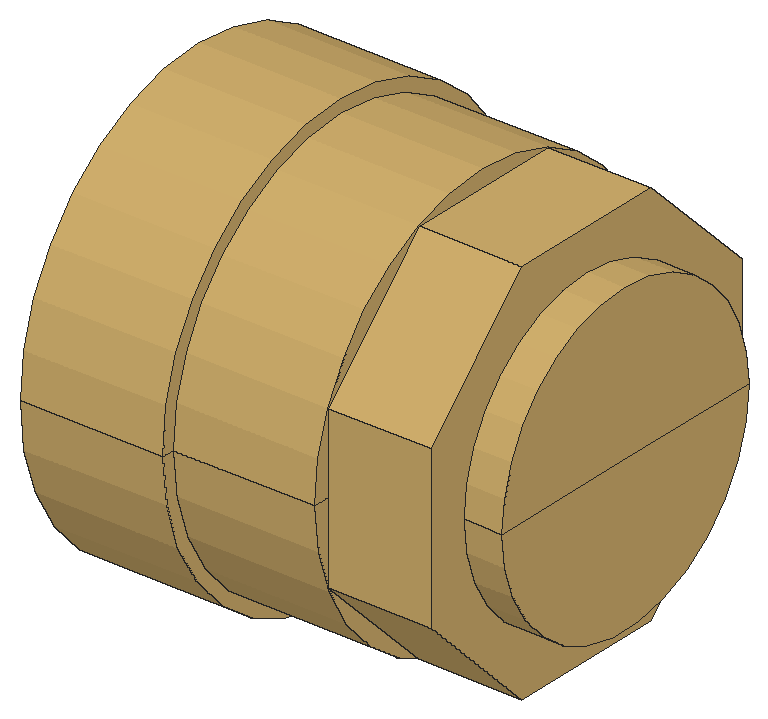
Revit family "Plumbing_Joints_Aignep_Plug-90610", category Pipe Fittings, Revit 2018
Family settings
  Round Connector Dimension = Use Diameter
  Part Type = Cap
  OmniClass Number = 23.27.43.00
  Work Plane-Based = No
  Always vertical = Yes
  Cut with Voids When Loaded = No
  Shared = No
Parameters (values of type "90610")
  d [instance] = size_lookup(Lookup Table Name, "d", 0.00 mm, Nominal Diameter)  # 1.00 mm
  c [instance] = size_lookup(Lookup Table Name, "c", 0.00 mm, Nominal Diameter)  # 11.00 mm
  b [instance] = size_lookup(Lookup Table Name, "b", 0.00 mm, Nominal Diameter)  # 8.00 mm
  a [instance] = size_lookup(Lookup Table Name, "a", 0.00 mm, Nominal Diameter)  # 22.00 mm
  QR code = "https://www.bimobject.com/aignep/product/plug-90610"
  Product url = "https://www.aignep.com/eng/Pipe-fittings-INFINITY/Air-Pipeline-INFINITY-Series/PLUG"
  Product name = "Plug - 90610"
  Product group = "Fittings"
  Product family = "INFINITY"
  Product certification = "https://www.aignep.com/eng/Certificazioni/FREE-OF-SILICON"
  Product SKU = "Plug-90610"
  Product Material [instance] = AIGNEP - Brass - Yellow
  Product Guid = "ba38a7a0-8ab5-4887-b516-475fcbc30246"
  OmniClass Description = "Pipe Fittings"
  OmniClass Code = "23-27 43 00"
  Note [instance] = "For diameters 50 and 63, use Aluminium"  # constant formula
  Nominal Diameter [instance] = 20 mm
  Material secondary = "Aluminium"
  Material main = "Brass"
  Manufacturer name = "Aignep Spa"
  Manufacturer country = "Italy"
  L [instance] = size_lookup(Lookup Table Name, "L", 0.00 mm, Nominal Diameter)  # 33.00 mm
  IFC Classification = "Pipe Fitting"
  Design country = "Italy"
  Description = "Plug"
  URL = "https://www.aignep.com/"
  Tick Size [instance] = Nominal Diameter * 0.4  # 8.00 mm
  Product data url = "https://www.bimobject.com/aignep/product/plug-90610"
  Model = "90610"
  Manufacturer = "Aignep Spa"
  Lookup Table Name = "Plug - 90610"
  Keynote = "15410"
  Edition number = 1
  D [instance] = size_lookup(Lookup Table Name, "D", 0.00 mm, Nominal Diameter)  # 20.00 mm
  E [instance] = size_lookup(Lookup Table Name, "E", 0.00 mm, Nominal Diameter)  # 34.50 mm
  CH2 [instance] = size_lookup(Lookup Table Name, "CH2", 0.00 mm, Nominal Diameter)  # 30.00 mm
  BIMobject category = "Joints"
  Assembly Code = "D2040100"
  Article Code [instance] = size_lookup(Lookup Table Name, "", "", Nominal Diameter)  # "90610 00 001"
Reference planes
  plane 1 "Center (Front/Back)": y = 0
  plane 2: z = 0
  plane 3 "Center (Left/Right)": x = 0
  plane 4: y = 17.25
  plane 5: y = -17.25
  plane 6: x = 33
  plane 7: y = 10
  plane 8: y = -10
  plane 9: y = 15
  plane 10: y = -15
  plane 11: x = 22
  plane 12: x = 30
  plane 13: x = 11
  plane 14: y = 16.25
  plane 15: z = 15
  plane 16: z = -15
Forms (mm)
  Revolve 1, solid, material "AIGNEP - Brass - Yellow" <- "Product Material", detail levels fine
    sketch origin (0, 0, 0) x (1, 0, 0) y (0, 1, 0)
      loop
        line (0, 17.25) -> (0, 0) -> (22, 0) -> (22, 16.25) -> (11, 16.25) -> (11, 17.25) -> (0, 17.25)
      loop
        line (33, 11.899) -> (30, 11.899) -> (30, 0) -> (33, 0) -> (33, 11.899)
      axis (33, 0) -> (0, 0)
    angle from 0 to 360
  Extrusion 2, solid, material "AIGNEP - Brass - Yellow" <- "Product Material", detail levels fine
    sketch origin (-32.5, 55.314, 1200) x (0, 1, 0) y (0, 0, 1)
      loop
        line (-40.314, -1206.213) -> (-40.314, -1193.787) -> (-49.101, -1185) -> (-61.527, -1185) -> (-70.314, -1193.787) -> (-70.314, -1206.213) -> (-61.527, -1215) -> (-49.101, -1215) -> (-40.314, -1206.213)
    from 54.5 to 62.5
Lines and regions (mm)
  model lines, detail levels coarse+medium
    curve 1: line (33, 8, 0) -> (33, -8, 0)
    curve 2: line (33, 8, 0) -> (30, 8, 0)
    curve 3: line (33, -8, 0) -> (30, -8, 0)
Dimensions and locks
  equal spacing: plane 5, plane 1 "Center (Front/Back)", plane 4
  "E": plane 4 to plane 5
  "L": plane 3 "Center (Left/Right)" to plane 6
  equal spacing: plane 8, plane 1 "Center (Front/Back)", plane 7
  "D": plane 7 to plane 8
  equal spacing: plane 10, plane 1 "Center (Front/Back)", plane 9
  "CH2": plane 9 to plane 10
  "a": plane 3 "Center (Left/Right)" to plane 11
  "b": plane 11 to plane 12
  locked: Revolve 1 sketch curve to plane 7 at 1.899
  "c": plane 3 "Center (Left/Right)" to plane 13
  "d": plane 4 to plane 14
  equal spacing: plane 15, plane 2, plane 16
  "CH2": plane 15 to plane 16
  equal spacing: Extrusion 2 sketch curve, plane 1 "Center (Front/Back)", Extrusion 2 sketch curve  (x2)
  "CH2": Extrusion 2 sketch curve to Extrusion 2 sketch curve  (x2)
  equal spacing: curve 1, plane 1 "Center (Front/Back)", curve 1
  "Tick Size": plane 1 "Center (Front/Back)" to curve 1
  equal spacing: curve 3, plane 1 "Center (Front/Back)", curve 2
  "Tick Size": plane 1 "Center (Front/Back)" to curve 2
  locked: Extrusion 2 sketch curve to plane 2 (angle 45.00°)
  locked: plane 2 to Extrusion 2 sketch curve (angle 45.00°)
  aligned and locked: level to plane 2
  aligned and locked: Revolve 1 sketch curve to plane 3 "Center (Left/Right)"
  aligned and locked: Revolve 1 sketch curve to plane 6
  aligned and locked: Revolve 1 sketch curve to plane 12
  aligned and locked: Revolve 1 sketch curve to plane 11
  aligned and locked: Revolve 1 sketch curve to plane 1 "Center (Front/Back)"
  aligned and locked: Revolve 1 sketch curve to plane 4
  aligned and locked: Revolve 1 sketch curve to plane 13
  aligned and locked: Revolve 1 sketch curve to plane 14
  aligned and locked: plane 9 to Extrusion 2 sketch curve  (x2)
  aligned and locked: plane 10 to Extrusion 2 sketch curve
  aligned and locked: plane 15 to Extrusion 2 sketch curve
  aligned and locked: plane 16 to Extrusion 2 sketch curve
  aligned and locked: Extrusion 2 to plane 11
  aligned and locked: plane 12 to Extrusion 2
  aligned and locked: curve 1 to plane 6
  aligned and locked: plane 12 to curve 2
  aligned and locked: plane 12 to curve 3
Automatic sketch dimensions
  plane 1 "Center (Front/Back)" to Revolve 1 sketch curve = 0.00 mm  (x2)
  Revolve 1 sketch curve to plane 3 "Center (Left/Right)" = 2.694 mm
  Revolve 1 sketch curve to Revolve 1 sketch curve = 6.328 mm
Connectors
  piping at (30, 0, 0), diameter 20, driven by "Nominal Diameter"
    settings: on Revolve 1, index 1, connector inside diameter 609.6 mm, connector length 0.00 mm, flow factor 0, pipe flow 0.0 L/s, pressure drop 0.0 Pa, fitting loss kfactor 0, connector angle 0.00°, fixture units 0, engagement length 0.00 mm, angle of deflection 0.00°, flow configuration 0, flow direction 0, fitting loss method 0, system type 28, joint type 0, gender type 0, connector reference index -1, connector utility 0, adjustable connector no, is connector primary yes, connector description ""
